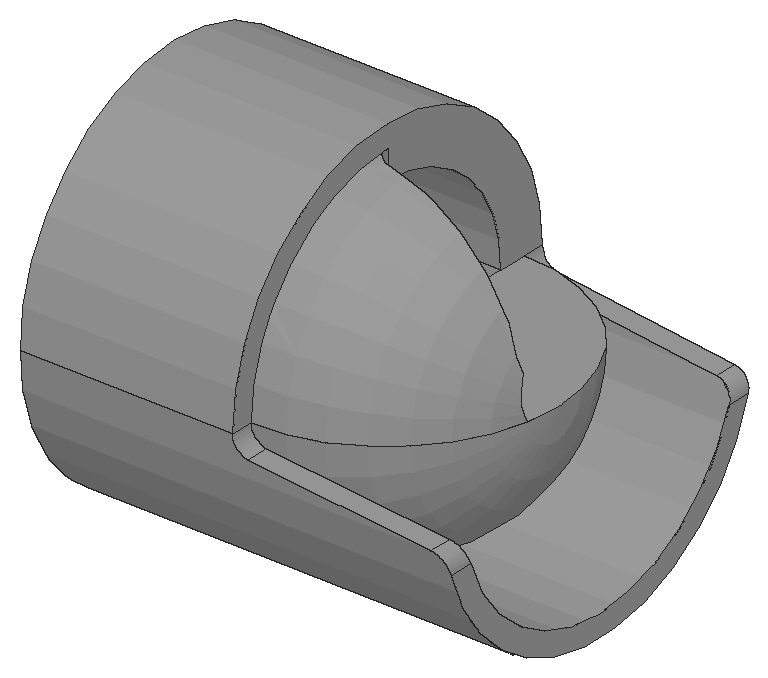
Revit family "Alcon-13101-Can-1", category Lighting Fixtures, Revit 2025
Family settings
  Round Connector Dimension = Use Diameter
  Part Type = Normal
  Cut with Voids When Loaded = No
  Light Source = Yes
  Maintain Annotation Orientation = No
  Shared = No
  Room Calculation Point = No
Parameters
  Wattage = 9.2903 W
  built-in parameter 1150110 = 1 (stored number, unit not read)
  built-in parameter 1114217 = 1 (stored number, unit not read)
  Tilt Angle = 60.00°
  built-in parameter 1150109 = 1 (stored number, unit not read)
  built-in parameter 1150134 = 3
  built-in parameter 1150113 = 1 (stored number, unit not read)
  built-in parameter 1010507 = 1.5708 (stored number, unit not read)
  built-in parameter 1010506 = 0.5236 (stored number, unit not read)
  built-in parameter 1150105 = 4614.1 (stored number, unit not read)
  Lumens = 1380 lm
  built-in parameter 1150115 = 1 (stored number, unit not read)
  Light Source Symbol Length = 10' - 0"
  built-in parameter 1150137 = (empty or 0)
  built-in parameter 1150139 = (empty or 0)
  Lens = Glass
  built-in parameter 1001306 [instance] = 3' - 10.46689"
  built-in parameter 1150112 = 1 (stored number, unit not read)
  built-in parameter 1150114 = 1 (stored number, unit not read)
  built-in parameter 1150132 = (empty or 0)
  built-in parameter 1150102 = (empty or 0)
  built-in parameter 1150107 = 3200 (stored number, unit not read)
  built-in parameter 1150138 = (empty or 0)
  built-in parameter 1150106 = 46.141 (stored number, unit not read)
  Housing = Default
  built-in parameter 1150104 = 13.8 (stored number, unit not read)
  Dimming Lamp Color Temperature Shift = (empty or 0)
  Default Elevation = 0' - 0"
  Color Filter = 16777215
  built-in parameter 1114218 = 1 (stored number, unit not read)
  built-in parameter 1150133 = 10 (stored number, unit not read)
Reference planes (in)
  plane 1 "Center (Front/Back)": y = 0
  plane 2: z = 0
  plane 3 "Left": x = 1.53311
  plane 4 "Right": x = 48
Forms (in)
  Revolve 1, solid, material "Default" <- "Housing"
    sketch origin (0, 0, 0) x (1, 0, 0) y (0, 1, 0)
      loop
        line (1.53311, 1.28125) -> (1.87295, 0.94141) -> (4.34561, 0.94141) -> (4.34561, 1.28125) -> (1.53311, 1.28125)
      axis (4.34561, 0) -> (1.53311, 0)
    angle from 0 to 360
  Extrusion 2, solid, material "Glass" <- "Lens"
    sketch origin (4.34561, 0, 0) x (0, 0, -1) y (0, 1, 0)
      loop
        circle (0, 0) r 0.94141
    from -2.47266 to -2.31732
  Extrusion 3, void
    sketch origin (4.34561, 0, 0) x (0, 0, 1) y (0, 1, 0)
      loop
        arc (0, -1.28125) -> (1.28125, 0) -> (0, 1.28125) r 1.28125
        line (0, 1.28125) -> (0, 1.13281)
        arc (0, 1.13281) -> (-1.13281, 0) -> (0, -1.13281) r 1.13281
        line (0, -1.13281) -> (0, -1.28125)
    from 0 to 1.40625
  Revolve 4, solid, material "Default" <- "Housing"
    sketch origin (0, 0, 0) x (1, 0, 0) y (0, 1, 0)
      loop
        arc (4.07217, 0) -> (3.74038, 0.80102) -> (2.93936, 1.13281) r 1.13281
        line (2.93936, 1.13281) -> (2.93936, 0) -> (4.07217, 0)
      axis (4.07217, 0) -> (2.93936, 0)
    angle from 0 to 360
  Extrusion 5, void
    sketch origin (0, 0, 0) x (1, 0, 0) y (0, 0, 1)
      loop
        arc (2.93936, 0) -> (2.96722, -0.07867) -> (3.03837, -0.12227) r 0.125
        line (3.03837, -0.12227) -> (4.23524, -0.24806)
        arc (4.23524, -0.24806) -> (4.31395, -0.28817) -> (4.34561, -0.37064) r 0.12325
        line (4.34561, -0.37064) -> (4.47061, -0.37064) -> (4.47061, 1.28125) -> (2.93936, 1.28125) -> (2.93936, 0)
    from -1.99497 to 12
  Extrusion 6, void
    sketch origin (0, 0, 0) x (1, 0, 0) y (0, 1, 0)
      loop
        arc (2.93936, 0) -> (2.96722, -0.07867) -> (3.03837, -0.12227) r 0.125
        line (3.03837, -0.12227) -> (4.23524, -0.24806)
        arc (4.23524, -0.24806) -> (4.31395, -0.28817) -> (4.34561, -0.37064) r 0.12325
        line (4.34561, -0.37064) -> (4.47061, -0.37064) -> (4.47061, 1.28125) -> (2.93936, 1.28125) -> (2.93936, 0)
    from 0 to 12
Cuts and joins
  Extrusion 3, Extrusion 5, Extrusion 6 cuts Revolve 1
  Extrusion 6 cuts Revolve 4
Lines and regions (in)
  reference lines
    curve 1: line (1.53311, 0, 0) -> (48, 0, 0)
  model lines
    curve 2: line (94.75312, 113.53996, 0) -> (111.75312, 113.53996, 0)
    curve 3: line (94.75312, 93.53996, 0) -> (94.75312, 113.53996, 0)
    curve 4: line (111.75312, 93.53996, 0) -> (94.75312, 93.53996, 0)
    curve 5: line (111.75312, 113.53996, 0) -> (111.75312, 93.53996, 0)
    curve 6: line (111.75312, 95.53996, 0) -> (94.75312, 95.53996, 0)
    curve 7: line (3.06622, 0, 0) -> (4.06622, 0, 0)
Dimensions and locks (in)
  "built-in parameter 1001306": plane 3 "Left" to plane 4 "Right"
  aligned and locked: plane 4 "Right" to curve 1
  aligned and locked: plane 1 "Center (Front/Back)" to curve 1
  aligned and locked: plane 3 "Left" to curve 1
  aligned and locked: level to plane 2
Automatic sketch dimensions
  Revolve 1 sketch curve to plane 1 "Center (Front/Back)" = 0' - 0"
  Revolve 1 sketch curve to plane 1 "Center (Front/Back)" = 0' - 1 9/32"
  Revolve 1 sketch curve to Revolve 1 sketch curve = 0' - 2 13/16"
  Revolve 1 sketch curve to Revolve 1 sketch curve = 0' - 0 87/256"
  Revolve 1 sketch curve to plane 3 "Left" = 5' - 0"
  plane 4 "Right" to Revolve 1 sketch curve = 1' - 0"
  Revolve 1 sketch curve to plane 3 "Left" = 0' - 0"
  plane 3 "Left" to Revolve 1 sketch curve = 0' - 0 87/256"
  Extrusion 3 sketch curve to Extrusion 3 sketch curve = 0' - 0 19/128"
  Extrusion 3 sketch curve to Extrusion 3 sketch curve = 0' - 0"
  Revolve 4 sketch curve to plane 1 "Center (Front/Back)" = 0' - 0"
  plane 1 "Center (Front/Back)" to Revolve 4 sketch curve = 0' - 0"
  Revolve 4 sketch curve to plane 3 "Left" = 5' - 0"
  Revolve 4 sketch curve to Revolve 4 sketch curve = 0' - 0"
  plane 4 "Right" to Revolve 4 sketch curve = 1' - 0"
  plane 3 "Left" to Revolve 4 sketch curve = 0' - 1 13/32"
  Revolve 4 sketch curve to plane 1 "Center (Front/Back)" = 0' - 1 17/128"
  Extrusion 5 sketch curve to level = 0' - 0"
  plane 3 "Left" to Extrusion 5 sketch curve = 0' - 1 13/32"
  Extrusion 5 sketch curve to level = 0' - 0.12227"
  Extrusion 5 sketch curve to Extrusion 5 sketch curve = 0' - 0.09901"
  Extrusion 5 sketch curve to level = 0' - 0.37064"
  Extrusion 5 sketch curve to Extrusion 5 sketch curve = 0' - 1.18399"
  Extrusion 5 sketch curve to level = 0' - 0.24806"
  Extrusion 5 sketch curve to Extrusion 5 sketch curve = 0' - 0.01288"
  level to Extrusion 5 sketch curve = 0' - 1 9/32"
  Extrusion 5 sketch curve to Extrusion 5 sketch curve = 0' - 0 1/8"
  plane 1 "Center (Front/Back)" to curve 7 = 0' - 0"
  plane 4 "Right" to curve 3 = 3' - 10.75312"
  curve 3 to curve 4 = 1' - 5"
  curve 3 to plane 1 "Center (Front/Back)" = 7' - 9.53996"
  curve 3 to curve 3 = 1' - 8"
  plane 3 "Left" to curve 7 = 0' - 2.53311"
  curve 7 to curve 7 = 0' - 1"
  curve 4 to curve 6 = 0' - 2"
  Extrusion 6 sketch curve to plane 1 "Center (Front/Back)" = 0' - 1 9/32"
  plane 3 "Left" to Extrusion 6 sketch curve = 0' - 1 13/32"
  plane 1 "Center (Front/Back)" to Extrusion 6 sketch curve = 0' - 0.12227"
  Extrusion 6 sketch curve to Extrusion 6 sketch curve = 0' - 0.09901"
  Extrusion 6 sketch curve to Extrusion 6 sketch curve = 0' - 0 1/8"  (x2)
  Extrusion 6 sketch curve to Extrusion 6 sketch curve = 0' - 1.18399"
  plane 1 "Center (Front/Back)" to Extrusion 6 sketch curve = 0' - 0.24806"
  Extrusion 6 sketch curve to Extrusion 6 sketch curve = 0' - 0.01288"
  Extrusion 6 sketch curve to Extrusion 6 sketch curve = 0' - 0.12325"
  radius of Extrusion 2 sketch curve to Revolve 1 = 0' - 0"
  radius of Extrusion 3 sketch curve to Revolve 1 = 0' - 0"
